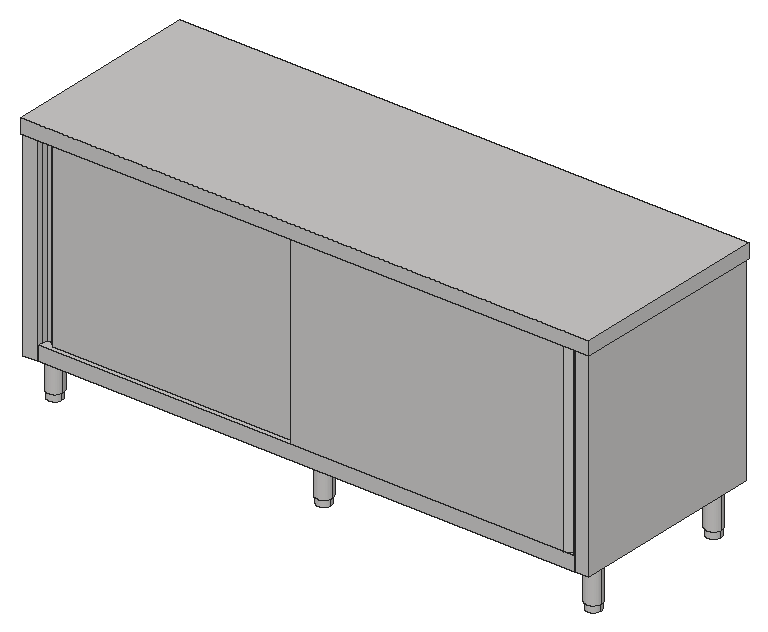
Revit family "QF_ZANUSSI_132785_MTND2000PN", category Attrezzature speciali, Revit 2020
Family settings
  Quota connettore circolare = Usa diametro
  Tipo di parte = Normale
  Basato su piano di lavoro = No
  Sempre verticale = Sì
  Taglio con vuoti quando caricato = No
  Condiviso = No
  Punto di calcolo locali = No
Parameters (values of type "Standard")
  Weight = 75.00 kg
  Watts = 0 W
  Volts = 0 V
  URL Manufacturer = "http://www.zanussiprofessional.com"
  URL = "http://www.zanussiprofessional.com"
  Steam Supply Size = 0 mm
  Steam Supply Minimum Pressure = 0.0 Pa
  Steam Supply Maximum Pressure = 0.0 Pa
  Steam Consumption per Hour = 0
  Refrigeration Suction Line Size = 0.0 mm
  Refrigeration Liquid Line Size = 0.0 mm
  Refrigerant Compressor Remote = yes
  Prospetto di default = 0.0 mm
  Produttore = "Zanussi"
  Phase = 0
  Modello = "MTND2000PN"
  Length Actual = 2000.0 mm  # constant formula
  Item Number = "132785"
  Hot Water Size = 0 mm
  Height Actual = 900.0 mm  # constant formula
  HP = "0 HP"
  Gas Size = 0 mm
  Gas KW = 0
  Gas Input Pressure = 0 W
  Direct Waste Size = 0 mm
  Descrizione = "WORKTOP CUPB.PASSTH+SHELF+SLIDING D.2000"
  Depth Actual = 700.0 mm  # constant formula
  Cycle = 0 Hz
  Condensate Return Size = 0 mm
  Compressed Air Volume = 0.0 L/s
  Compressed Air Size = 0 mm
  Compressed Air Pressure = 0.0 Pa
  Cold Water Size = 0 mm
  Accessory = yes
Reference planes
  plane 1 "Center (Front/Back)": y = 0
  plane 2: z = 0
  plane 3 "Center (Left/Right)": x = -500
  plane 4 "LEFT": x = -1500
  plane 5 "RIGHT": x = 500
  plane 6 "BACK": y = 350
  plane 7 "FRONT": y = -350
  plane 8 "Base": z = 850
  plane 9 "TOP": z = 900
  plane 10: x = -1446.9
  plane 11: x = 446.9
  plane 12: y = 264.5
  plane 13: y = -264.5
  plane 14 "BodyLeft": x = -1494.5
  plane 15 "BodyFront": y = -344.5
  plane 16 "BodyRight": x = 494.5
  plane 17 "BodyBack": y = 344.5
  plane 18 "FEET": z = 150
  plane 19: x = -445.5
  plane 20: x = -554.5
Forms (mm)
  Extrusion 1, solid, material "QF_Finishes_Stainless Steel"
    sketch origin (-500, 0, 0) x (0, 1, 0) y (0, 0, 1)
      loop
        line (-350, 850) -> (350, 850) -> (350, 900) -> (-350, 900) -> (-350, 850)
    from 1000 to -1000
  Extrusion 2, solid, material "QF_Finishes_Stainless Steel"
    sketch origin (0, 0, 150) x (-1, 0, 0) y (0, -1, 0)
      loop
        line (1494.5, -344.5) -> (1494.5, 344.5) -> (1444.5, 344.5) -> (1444.5, -344.5) -> (1494.5, -344.5)
      loop
        line (-444.5, -344.5) -> (-444.5, 344.5) -> (-494.5, 344.5) -> (-494.5, -344.5) -> (-444.5, -344.5)
    from 0 to 700
  Extrusion 3, solid, material "QF_Finishes_Stainless Steel"
    sketch origin (0, 0, 150) x (-1, 0, 0) y (0, -1, 0)
      loop
        line (1444.5, -344.5) -> (1444.5, 344.5) -> (-444.5, 344.5) -> (-444.5, -344.5) -> (1444.5, -344.5)
    from 0 to 50
  Extrusion 4, solid, material "QF_Finishes_Stainless Steel"
    sketch origin (0, 0, 150) x (-1, 0, 0) y (0, -1, 0)
      loop
        line (-445.9, 344.5) -> (-445.9, 324.5) -> (554.5, 324.5) -> (554.5, 344.5) -> (-405.9, 344.5) -> (-425.9, 329.5) -> (-440.9, 329.5) -> (-440.9, 344.5) -> (-445.9, 344.5)
    from 50 to 700
  Extrusion 5, solid, material "QF_Finishes_Stainless Steel"
    sketch origin (0, 20, 150) x (1, 0, 0) y (0, 1, 0)
      loop
        line (-1445.9, -344.5) -> (-1440.9, -344.5) -> (-1440.9, -329.5) -> (-1425.9, -329.5) -> (-1405.9, -344.5) -> (-445.5, -344.5) -> (-445.5, -324.5) -> (-1445.9, -324.5) -> (-1445.9, -344.5)
    from 50 to 700
  Extrusion 6, solid, material "QF_Finishes_Stainless Steel"
    sketch origin (0, 0, 150) x (-1, 0, 0) y (0, -1, 0)
      loop
        line (-444.5, -344.5) -> (-439.5, -344.5) -> (-439.5, -329.5) -> (-424.5, -329.5) -> (-404.5, -344.5) -> (554.5, -344.5) -> (554.5, -324.5) -> (-444.5, -324.5) -> (-444.5, -344.5)
    from 50 to 700
  Extrusion 7, solid, material "QF_Finishes_Stainless Steel"
    sketch origin (0, -20, 150) x (1, 0, 0) y (0, 1, 0)
      loop
        line (-1444.5, 344.5) -> (-1444.5, 324.5) -> (-445.5, 324.5) -> (-445.5, 344.5) -> (-1404.5, 344.5) -> (-1424.5, 329.5) -> (-1439.5, 329.5) -> (-1439.5, 344.5) -> (-1444.5, 344.5)
    from 50 to 700
  Extrusion 8, solid, material "QF_Finishes_Stainless Steel"
    sketch origin (0, 0, 0) x (1, 0, 0) y (0, 1, 0)
      loop
        line (-1444.5, -304.5) -> (444.5, -304.5) -> (444.5, 304.5) -> (-1444.5, 304.5) -> (-1444.5, -304.5)
    from 500 to 540
Lines and regions (mm)
  symbolic lines
    curve 1: line (500, 350, 900) -> (-1500, 350, 900)
    curve 2: line (-1500, 350, 900) -> (-1500, -350, 900)
    curve 3: line (-1500, -350, 900) -> (500, -350, 900)
    curve 4: line (500, -350, 900) -> (500, 350, 900)
  symbolic lines, style "SpecialityEquipmentHiddenLines"
    curve 5: line (-1494.5, 344.5, 150) -> (494.5, 344.5, 150)
    curve 6: line (-1494.5, -344.5, 150) -> (-1494.5, 344.5, 150)
    curve 7: line (494.5, -344.5, 150) -> (-1494.5, -344.5, 150)
    curve 8: line (494.5, 344.5, 150) -> (494.5, -344.5, 150)
    curve 9: line (-1445.9, -304.5, 150) -> (-445.5, -304.5, 150)
    curve 10: line (-445.5, -304.5, 150) -> (-445.5, -324.5, 150)
    curve 11: line (-1445.9, -324.5, 150) -> (445.9, -324.5, 150)
    curve 12: line (445.9, -324.5, 150) -> (445.9, -344.5, 150)
    curve 13: line (-554.5, -324.5, 150) -> (-554.5, -344.5, 150)
    curve 14: line (-1445.9, -304.5, 150) -> (-1445.9, -324.5, 150)
Dimensions and locks
  plane 4 "LEFT" to plane 5 "RIGHT" = 2000.0 mm
  equal spacing: plane 4 "LEFT", plane 3 "Center (Left/Right)", plane 5 "RIGHT"
  locked: plane 8 "Base" to level at 850
  plane 9 "TOP" to level = 900.0 mm
  plane 6 "BACK" to plane 7 "FRONT" = 700.0 mm
  equal spacing: plane 6 "BACK", plane 1 "Center (Front/Back)", plane 7 "FRONT"
  locked: plane 4 "LEFT" to plane 14 "BodyLeft" at 5.5
  locked: plane 16 "BodyRight" to plane 5 "RIGHT" at 5.5
  locked: plane 15 "BodyFront" to plane 7 "FRONT" at 5.5
  locked: plane 6 "BACK" to plane 17 "BodyBack" at 5.5
  locked: plane 14 "BodyLeft" to plane 10 at 47.6
  locked: plane 11 to plane 16 "BodyRight" at 47.6
  locked: plane 13 to plane 15 "BodyFront" at 80
  locked: plane 17 "BodyBack" to plane 12 at 80
  plane 10 to plane 11 = 1893.8 mm
  plane 12 to plane 13 = 529.0 mm
  locked: plane 14 "BodyLeft" to Extrusion 2 sketch curve at 50
  locked: Extrusion 2 sketch curve to Extrusion 2 sketch curve at 50
  locked: plane 3 "Center (Left/Right)" to plane 19 at 54.5
  locked: plane 20 to plane 3 "Center (Left/Right)" at 54.5
  locked: plane 18 "FEET" to level at 150
  aligned and locked: level to plane 2
  aligned and locked: plane 10 to nested 1
  aligned and locked: nested 1 to plane 13
  aligned and locked: plane 11 to nested 2
  aligned and locked: nested 2 to plane 13
  aligned and locked: plane 11 to nested 4
  aligned and locked: nested 4 to plane 12
  aligned and locked: plane 10 to nested 3
  aligned and locked: nested 3 to plane 12
  aligned and locked: Extrusion 1 to plane 4 "LEFT"
  aligned and locked: plane 5 "RIGHT" to Extrusion 1
  aligned and locked: curve 2 to plane 4 "LEFT"
  aligned and locked: plane 17 "BodyBack" to Extrusion 2 sketch curve
  aligned and locked: Extrusion 2 sketch curve to plane 15 "BodyFront"
  aligned and locked: Extrusion 2 sketch curve to plane 14 "BodyLeft"
  aligned and locked: plane 16 "BodyRight" to Extrusion 2 sketch curve
  aligned and locked: Extrusion 2 sketch curve to plane 17 "BodyBack"
  aligned and locked: plane 15 "BodyFront" to Extrusion 2 sketch curve
  aligned and locked: Extrusion 3 sketch curve to plane 17 "BodyBack"
  aligned and locked: plane 15 "BodyFront" to Extrusion 3 sketch curve
  aligned and locked: plane 8 "Base" to Extrusion 2
  aligned and locked: plane 8 "Base" to Extrusion 4
  aligned and locked: Extrusion 4 to Extrusion 3
  aligned and locked: Extrusion 5 sketch curve to plane 19
  aligned and locked: Extrusion 4 sketch curve to plane 20
  aligned and locked: Extrusion 1 to plane 8 "Base"
  aligned and locked: plane 9 "TOP" to Extrusion 1
  aligned and locked: curve 5 to plane 17 "BodyBack"
  aligned and locked: plane 14 "BodyLeft" to curve 6
  aligned and locked: plane 15 "BodyFront" to curve 7
  aligned and locked: plane 16 "BodyRight" to curve 8
  aligned and locked: Extrusion 3 to Extrusion 2  (x2)
  aligned and locked: Extrusion 8 sketch curve to Extrusion 7
  aligned and locked: Extrusion 8 sketch curve to Extrusion 2  (x2)
  aligned and locked: Extrusion 8 sketch curve to Extrusion 5
  aligned and locked: plane 3 "Center (Left/Right)" to nested 5
  aligned and locked: plane 3 "Center (Left/Right)" to nested 6
Automatic sketch dimensions
  curve 3 to plane 7 "FRONT" = 0.0 mm
  curve 4 to plane 6 "BACK" = 0.0 mm
  Extrusion 1 sketch curve to plane 7 "FRONT" = 0.0 mm
  Extrusion 1 sketch curve to plane 6 "BACK" = 0.0 mm
  Extrusion 1 sketch curve to plane 8 "Base" = 0.0 mm
  Extrusion 1 sketch curve to plane 9 "TOP" = 0.0 mm
  Extrusion 3 sketch curve to plane 11 = 2.4 mm
  plane 10 to Extrusion 3 sketch curve = 2.4 mm
  Extrusion 4 sketch curve to plane 15 "BodyFront" = 0.0 mm  (x2)
  Extrusion 4 sketch curve to plane 11 = 41.0 mm
  Extrusion 4 sketch curve to plane 11 = 21.0 mm
  Extrusion 4 sketch curve to plane 11 = 6.0 mm
  Extrusion 4 sketch curve to plane 11 = 1.0 mm
  plane 15 "BodyFront" to Extrusion 4 sketch curve = 15.0 mm
  plane 15 "BodyFront" to Extrusion 4 sketch curve = 20.0 mm
  Extrusion 5 sketch curve to plane 15 "BodyFront" = 20.0 mm  (x2)
  Extrusion 5 sketch curve to plane 10 = 41.0 mm
  Extrusion 5 sketch curve to plane 10 = 21.0 mm
  Extrusion 5 sketch curve to plane 10 = 6.0 mm
  Extrusion 5 sketch curve to plane 10 = 1.0 mm
  Extrusion 5 sketch curve to Extrusion 5 sketch curve = 15.0 mm
  Extrusion 5 sketch curve to Extrusion 5 sketch curve = 20.0 mm
  curve 10 to plane 19 = 0.0 mm
  curve 13 to plane 20 = 0.0 mm
  curve 11 to plane 11 = 1.0 mm
  plane 10 to curve 11 = 1.0 mm
  plane 15 "BodyFront" to curve 9 = 40.0 mm
  curve 12 to curve 12 = 20.0 mm
  Extrusion 6 sketch curve to plane 17 "BodyBack" = 0.0 mm  (x2)
  Extrusion 6 sketch curve to plane 20 = 0.0 mm
  plane 11 to Extrusion 6 sketch curve = 42.4 mm
  plane 11 to Extrusion 6 sketch curve = 22.4 mm
  plane 11 to Extrusion 6 sketch curve = 7.4 mm
  plane 11 to Extrusion 6 sketch curve = 2.4 mm
  plane 17 "BodyBack" to Extrusion 6 sketch curve = 15.0 mm
  plane 17 "BodyBack" to Extrusion 6 sketch curve = 20.0 mm
  Extrusion 7 sketch curve to plane 19 = 0.0 mm
  Extrusion 7 sketch curve to plane 17 "BodyBack" = 20.0 mm  (x2)
  plane 10 to Extrusion 7 sketch curve = 42.4 mm
  plane 10 to Extrusion 7 sketch curve = 22.4 mm
  plane 10 to Extrusion 7 sketch curve = 7.4 mm
  plane 10 to Extrusion 7 sketch curve = 2.4 mm
  Extrusion 7 sketch curve to Extrusion 7 sketch curve = 15.0 mm
  Extrusion 7 sketch curve to Extrusion 7 sketch curve = 20.0 mm
  curve 4 to plane 5 "RIGHT" = 0.0 mm
Nested families
  nested 1: "FEET_D58-150" at (-1446.9, -264.5, 0), type "FEET_D58-150"
  nested 2: "FEET_D58-150" at (446.9, -264.5, 0), type "FEET_D58-150"
  nested 3: "FEET_D58-150" at (-1446.9, 264.5, 0), type "FEET_D58-150"
  nested 4: "FEET_D58-150" at (446.9, 264.5, 0), type "FEET_D58-150"
  nested 5: "FEET_D58-150" at (-500, -264.5, 0), type "FEET_D58-150"
  nested 6: "FEET_D58-150" at (-500, 264.5, 0), type "FEET_D58-150"
Definition of nested family "FEET_D58-150"
  Parameters
    Default Elevation = 0.0 mm
    FEET = 150.0 mm
  Reference planes
    plane 1 "Center (Front/Back)": y = 0
    plane 2: z = 0
    plane 3 "Center (Left/Right)": x = 0
    plane 4: z = 150
  Forms (mm)
    Extrusion 1, solid
      sketch origin (0, 0, 0) x (1, 0, 0) y (0, 1, 0)
        loop
          circle (0, 0) r 25
      from 0 to 25
    Extrusion 2, solid
      sketch origin (0, 0, 0) x (1, 0, 0) y (0, 1, 0)
        loop
          circle (0.061, 0) r 29
      from 25 to 150 <- "FEET"
  Lines and regions (mm)
    symbolic lines
      curve 1: line (0, -1.503, 0) -> (0, 1.508, 0)
      curve 2: line (1.561, 0, 0) -> (-1.439, 0, 0)
  Dimensions and locks
    "FEET": plane 4 to plane 2
    aligned and locked: level to plane 2
  Automatic sketch dimensions
    plane 1 "Center (Front/Back)" to Extrusion 1 sketch curve = 0.0 mm
    Extrusion 1 sketch curve to plane 3 "Center (Left/Right)" = 0.0 mm
    plane 1 "Center (Front/Back)" to curve 2 = 0.0 mm
    curve 1 to plane 3 "Center (Left/Right)" = 0.0 mm
    curve 2 to plane 3 "Center (Left/Right)" = 1.439 mm
    plane 3 "Center (Left/Right)" to curve 2 = 1.561 mm
    plane 1 "Center (Front/Back)" to curve 1 = 1.503 mm
    curve 1 to plane 1 "Center (Front/Back)" = 1.508 mm
    plane 1 "Center (Front/Back)" to Extrusion 2 sketch curve = 0.0 mm
    plane 3 "Center (Left/Right)" to Extrusion 2 sketch curve = 0.061 mm
    radius of Extrusion 1 sketch curve = 25.0 mm
    radius of Extrusion 2 sketch curve = 29.0 mm
